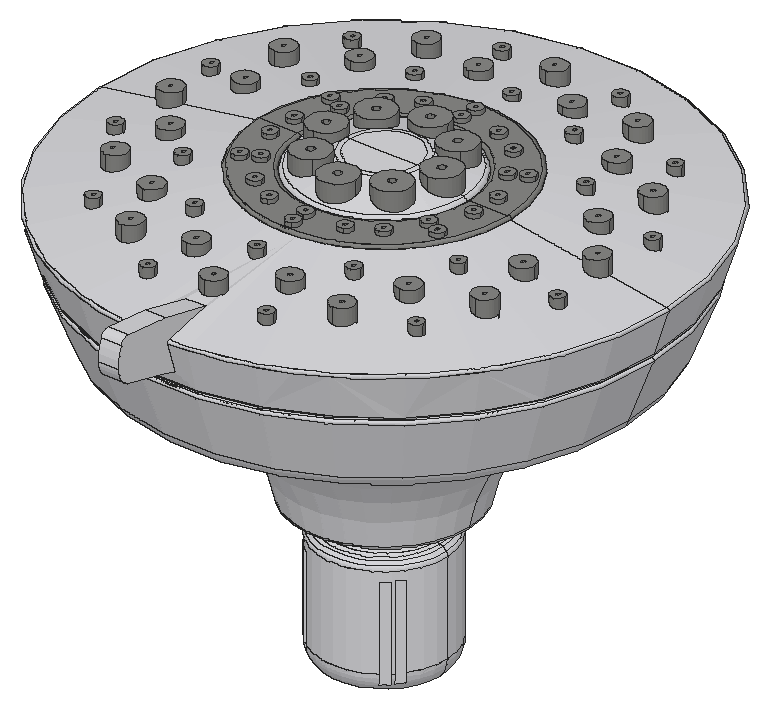
Revit family "Shower-Showerhead-KOHLER-Radiate-K-R75563", category Plumbing Fixtures, host Face, Revit 2015
Parameters (values of type "CP-Polished Chrome")
  Width = 4 11/16"  # constant formula
  WaterSense Certified = 1 = 1  # yes
  Waste Water Outlet = "Waste Water Outlet"  # constant formula
  Waste Connection = 1 = 0  # no
  Vent Connection = 1 = 0  # no
  URL = "https://www.us.kohler.com/us/"
  Type = 1
  Product Page URL = "http://www.us.kohler.com/us/catalog/productDetails.jsp?productNumber=R75563-G"
  Product Name = "Radiate"  # constant formula
  Product Documentation Link = "https://www.us.kohler.com/webassets/kpna/catalog/pdf/en/K-R75563-G_spec.pdf"
  Pressure = 45.00 psi  # constant formula
  Panel Thickness = 0"
  Model = if(Type = 1, "K-R75563-G-CP", if(Type = 2, "K-R75563-G-BN", "NA"))  # "K-R75563-G-CP"
  Material = "Premium Metal Construction"  # constant formula
  MasterFormat 2004 = "22.41.23"  # constant formula
  MasterFormat 1995 = "15410"  # constant formula
  Manufacturer Address = "444 Highland Dr, Kohler, WI 53044"  # constant formula
  Manufacturer = "KOHLER Co."  # constant formula
  Length = 3 3/4"  # constant formula
  Tempered Water Inlet = "Tempered Water Inlet"  # constant formula
  Height = 4 11/16"  # constant formula
  HW Connection = 1 = 1  # yes
  Flow Rate = 1.75 GPM  # constant formula
  Finish = Kohler-Metal-CP-Polished_Chrome
  Environmental Product Declaration = ""
  Drain Included = 1 = 0  # no
  Description = "1.75 gpm multifunction showerhead"  # constant formula
  Default Elevation = 0"
  Declare Label = ""
  Date Modified = "03/08/2019"  # constant formula
  Date Created = "03/08/2019"  # constant formula
  Copyright = "Copyright KOHLER Co."  # constant formula
  Contact Us = "https://www.us.kohler.com/us/static/contact.jsp"
  Cold Water Inlet = "Cold Water Inlet"  # constant formula
  CW Connection = 1 = 0  # no
  Assembly Code = "D2010700"
  ADA Compliant = 1 = 0  # no
Reference planes (in)
  plane 1 "Center (Front/Back)": y = 0
  plane 2: z = 0
  plane 3 "Center (Left/Right)": x = 0
  plane 4: x = -2.34375
  plane 5: x = 2.34375
  plane 6: y = -2.34375
  plane 7: y = -2.84375
  plane 8: z = 3.75
  plane 9: y = 2.34375
  plane 10: z = 2.97172
Dimensions and locks (in)
  "Width": plane 4 to plane 5
  "Length": plane 8 to level
  "Height": plane 9 to plane 6
  plane 7 to plane 9 = 5 3/16"
  aligned and locked: plane 2 to host face
  aligned and locked: level to host face
Automatic sketch dimensions
  host sketch curve to host sketch curve = 96"  (x2)
Nested families (in)
  nested 1: "K-R75563" at (0, 0, 0), type "K-R75563"
Connectors (in)
  piping at (0, 0, 0), diameter 0.5, driven by "Flow Rate", driven by "Pressure", driven by "HW Connection", driven by "Tempered Water Inlet"
    settings: on nested 1, index 1, connector inside diameter 24", connector length 0", flow factor 0, pipe flow 1.75 GPM, pressure drop 45.00 psi, fitting loss kfactor 0, connector angle 0.00°, fixture units 0, engagement length 0", angle of deflection 0.00°, flow configuration 1, flow direction 1, fitting loss method 4, system type 19, joint type 0, gender type 0, connector reference index -1, connector utility 1, adjustable connector no, is connector primary yes, connector description "Tempered Water Inlet"
Definition of nested family "K-R75563"
  Parameters (values of type "K-R75563")
    Material = none
  Reference planes (in)
    plane 1 "Center (Front/Back)": y = 0
    plane 2: z = 0
    plane 3 "Center (Left/Right)": x = 0
    plane 4: x = -2.34375
    plane 5: x = 2.34375
    plane 6: y = -2.34375
    plane 7: y = 2.34375
    plane 8: z = 3.75
    plane 9: y = -2.84375
  Forms (in)
    Revolve 1, solid, material <- "Material", detail levels medium+fine
      sketch origin (0, 0, 0) x (1, 0, 0) y (0, 0, 1)
        loop
          line (0, 0) -> (0.46439, 0)
          arc (0.46439, 0) -> (0.50671, 0.06514) -> (0.52154, 0.14139) r 0.20348
          line (0.52154, 0.14139) -> (0.52154, 0.89436)
          arc (0.52154, 0.89436) -> (0.51802, 0.91206) -> (0.508, 0.92706) r 0.04624
          line (0.508, 0.92706) -> (0.48216, 0.9529)
          arc (0.48216, 0.9529) -> (0.46908, 0.96164) -> (0.45365, 0.96471) r 0.04032
          arc (0.45365, 0.96471) -> (0.44026, 0.96815) -> (0.4281, 0.97779) r 0.035
          line (0.4281, 0.97779) -> (0.38188, 1.03534)
          arc (0.38188, 1.03534) -> (0.36472, 1.07991) -> (0.37657, 1.12616) r 0.07848
          arc (0.37657, 1.12616) -> (0.3896, 1.14403) -> (0.405, 1.1599) r 0.15759
          line (0.405, 1.1599) -> (0.68306, 1.1599)
          arc (0.68306, 1.1599) -> (0.69799, 1.16538) -> (0.70582, 1.17923) r 0.02307
          arc (0.70582, 1.17923) -> (0.91298, 1.67555) -> (1.32069, 2.0263) r 1.16716
          arc (1.32069, 2.0263) -> (1.61757, 2.17628) -> (1.91743, 2.32019) r 16.37121
          arc (1.91743, 2.32019) -> (1.97712, 2.36323) -> (2.01691, 2.42513) r 0.19751
          line (2.01691, 2.42513) -> (2.21935, 2.92617)
          arc (2.21935, 2.92617) -> (2.21759, 2.94283) -> (2.20281, 2.95069) r 0.01784
          line (2.20281, 2.95069) -> (2.16619, 2.95069)
          arc (2.16619, 2.95069) -> (2.15132, 2.95685) -> (2.14516, 2.97172) r 0.02103
          line (2.14516, 2.97172) -> (2.20446, 2.97172)
          arc (2.20446, 2.97172) -> (2.21978, 2.9767) -> (2.22925, 2.98974) r 0.02607
          line (2.22925, 2.98974) -> (2.34279, 3.33918)
          arc (2.34279, 3.33918) -> (2.34122, 3.35483) -> (2.32863, 3.36425) r 0.01954
          arc (2.32863, 3.36425) -> (1.69087, 3.48876) -> (1.04596, 3.5683) r 9.27097
          line (1.04596, 3.5683) -> (1.04596, 3.33866) -> (0.68121, 3.33866) -> (0.68121, 3.56022)
          arc (0.68121, 3.56022) -> (0.67336, 3.58368) -> (0.65297, 3.59769) r 0.03898
          line (0.65297, 3.59769) -> (0.31692, 3.69405)
          arc (0.31692, 3.69405) -> (0.29815, 3.69804) -> (0.27901, 3.69937) r 0.13756
          line (0.27901, 3.69937) -> (0, 3.69937) -> (0, 0)
        axis (0, 0) -> (0, 3.69937)
      angle from 0 to 360
    Revolve 2, solid, detail levels medium+fine
      sketch origin (0, 0, 0) x (1, 0, 0) y (0, 0, 1)
        loop
          line (0.68902, 3.56603) -> (0.68902, 3.33866) -> (1.04423, 3.33866) -> (1.04423, 3.56671)
          arc (1.04423, 3.56671) -> (1.03756, 3.5828) -> (1.02147, 3.58947) r 0.02276
          line (1.02147, 3.58947) -> (0.71246, 3.58947)
          arc (0.71246, 3.58947) -> (0.69588, 3.5826) -> (0.68902, 3.56603) r 0.02344
        axis (0, 3.58947) -> (0, 3.33866)
      angle from 0 to 360
    Extrusion 3, solid, material <- "Material", detail levels medium+fine
      sketch origin (0, 0.03809, 0) x (0, 1, 0) y (0, 0, 1)
        loop
          arc (-2.8811, 3.37275) -> (-2.84568, 3.27462) -> (-2.75901, 3.21656) r 0.16732
          arc (-2.75901, 3.21656) -> (-2.58742, 3.17223) -> (-2.41418, 3.13493) r 4.34486
          arc (-2.41418, 3.13493) -> (-2.2423, 3.07585) -> (-2.09333, 2.97172) r 0.65371
          line (-2.09333, 2.97172) -> (-1.91115, 3.42263)
          arc (-1.91115, 3.42263) -> (-2.15167, 3.49092) -> (-2.39611, 3.54347) r 3.85346
          arc (-2.39611, 3.54347) -> (-2.58447, 3.5704) -> (-2.77431, 3.58322) r 2.55177
          arc (-2.77431, 3.58322) -> (-2.81937, 3.57087) -> (-2.84975, 3.53537) r 0.07966
          arc (-2.84975, 3.53537) -> (-2.8744, 3.45579) -> (-2.8811, 3.37275) r 0.3797
      from -0.07864 to 0.08509
    Extrusion 4, solid, detail levels medium+fine
      sketch origin (0, 0, 0) x (1, 0, 0) y (0, 1, 0)
        loop
          circle (0, 1.75694) r 0.09495
        loop
          circle (0.38604, 1.45225) r 0.09495
        loop
          circle (0.87041, 1.52256) r 0.09495
        loop
          circle (1.05791, 1.06978) r 0.09495
        loop
          circle (1.51998, 0.86665) r 0.09495
        loop
          circle (1.45225, 0.38604) r 0.09495
        loop
          circle (0, -1.75694) r 0.09495
        loop
          circle (0.38604, -1.45225) r 0.09495
        loop
          circle (0.87041, -1.52256) r 0.09495
        loop
          circle (1.05791, -1.06978) r 0.09495
        loop
          circle (1.51998, -0.86665) r 0.09495
        loop
          circle (1.45225, -0.38604) r 0.09495
        loop
          circle (-0.38604, 1.45225) r 0.09495
        loop
          circle (-0.87041, 1.52256) r 0.09495
        loop
          circle (-1.05791, 1.06978) r 0.09495
        loop
          circle (-1.51998, 0.86665) r 0.09495
        loop
          circle (-1.45225, 0.38604) r 0.09495
        loop
          circle (-0.38604, -1.45225) r 0.09495
        loop
          circle (-0.87041, -1.52256) r 0.09495
        loop
          circle (-1.05791, -1.06978) r 0.09495
        loop
          circle (-1.51998, -0.86665) r 0.09495
        loop
          circle (-1.45225, -0.38604) r 0.09495
        loop
          circle (1.75694, 0) r 0.09495
        loop
          circle (-1.75694, 0) r 0.09495
        loop
          circle (-0.38424, -1.45306) r 0.01406
        loop
          circle (-0.86862, -1.52337) r 0.01406
        loop
          circle (-1.05612, -1.07059) r 0.01406
        loop
          circle (-1.54148, -0.86456) r 0.01406
        loop
          circle (-1.45045, -0.38684) r 0.01406
        loop
          circle (-1.75514, -0.00081) r 0.01406
        loop
          circle (-1.45045, 0.38523) r 0.01406
        loop
          circle (-1.51819, 0.86584) r 0.01406
        loop
          circle (-1.05612, 1.06897) r 0.01406
        loop
          circle (-0.86862, 1.52175) r 0.01406
        loop
          circle (-0.38424, 1.45144) r 0.01406
        loop
          circle (0.00179, 1.75613) r 0.01406
        loop
          circle (0.38783, 1.45144) r 0.01406
        loop
          circle (0.8722, 1.52175) r 0.01406
        loop
          circle (1.0597, 1.06897) r 0.01406
        loop
          circle (1.52178, 0.86584) r 0.01406
        loop
          circle (1.45404, 0.38523) r 0.01406
        loop
          circle (1.75873, -0.00081) r 0.01406
        loop
          circle (1.45404, -0.38684) r 0.01406
        loop
          circle (1.0597, -1.07059) r 0.01406
        loop
          circle (1.52178, -0.86746) r 0.01406
        loop
          circle (0.38783, -1.45306) r 0.01406
        loop
          circle (0.8722, -1.52337) r 0.01406
        loop
          circle (0.00179, -1.75774) r 0.01406
      from 3.33866 to 3.5683
    Extrusion 5, solid, detail levels medium+fine
      sketch origin (0, 0, 0) x (1, 0, 0) y (0, 1, 0)
        loop
          circle (-0.65597, -1.13222) r 0.05717
        loop
          circle (0.00056, -1.30917) r 0.05717
        loop
          circle (-1.13349, -0.65486) r 0.05717
        loop
          circle (0.00163, -1.31047) r 0.01406
        loop
          circle (-0.65252, -1.13111) r 0.01406
        loop
          circle (-1.1308, -0.65068) r 0.01406
      from 3.33866 to 3.58947
    Extrusion 6, solid, detail levels medium+fine
      sketch origin (0, 0, 0) x (1, 0, 0) y (0, 1, 0)
        loop
          circle (-0.65597, 1.13222) r 0.05717
        loop
          circle (0.00056, 1.30917) r 0.05717
        loop
          circle (-1.13349, 0.65486) r 0.05717
        loop
          circle (0.00163, 1.31047) r 0.01406
        loop
          circle (-0.65252, 1.13111) r 0.01406
        loop
          circle (-1.1308, 0.65068) r 0.01406
      from 3.22328 to 3.5683
    Extrusion 7, solid, detail levels medium+fine
      sketch origin (0, 0, 0) x (-1, 0, 0) y (0, -1, 0)
        loop
          circle (-0.65597, 1.13222) r 0.05717
        loop
          circle (-1.13349, 0.65486) r 0.05717
        loop
          circle (-0.6574, 1.13823) r 0.01406
        loop
          circle (-1.13773, 0.65658) r 0.01406
      from 3.33866 to 3.58947
    Extrusion 8, solid, detail levels medium+fine
      sketch origin (0, 0, 0) x (-1, 0, 0) y (0, -1, 0)
        loop
          circle (-0.65597, -1.13222) r 0.05717
        loop
          circle (-1.13349, -0.65486) r 0.05717
        loop
          circle (-0.6574, -1.13823) r 0.01406
        loop
          circle (-1.13773, -0.65658) r 0.01406
      from 3.33866 to 3.58947
    Extrusion 9, solid, detail levels medium+fine
      sketch origin (0, 0, 0) x (1, 0, 0) y (0, 1, 0)
        loop
          circle (-0.53135, 0.66711) r 0.05717
        loop
          circle (-0.69198, 0.4058) r 0.05717
        loop
          circle (-0.81449, 0.46751) r 0.05717
        loop
          circle (-0.83846, 0.12473) r 0.05717
        loop
          circle (0.53135, 0.66711) r 0.05717
        loop
          circle (0.69198, 0.4058) r 0.05717
        loop
          circle (0.81449, 0.46751) r 0.05717
        loop
          circle (0.83846, 0.12473) r 0.05717
        loop
          circle (-0.53135, -0.66711) r 0.05717
        loop
          circle (-0.69198, -0.4058) r 0.05717
        loop
          circle (-0.81449, -0.46751) r 0.05717
        loop
          circle (-0.83846, -0.12473) r 0.05717
        loop
          circle (0.53135, -0.66711) r 0.05717
        loop
          circle (0.69198, -0.4058) r 0.05717
        loop
          circle (0.81449, -0.46751) r 0.05717
        loop
          circle (0.83846, -0.12473) r 0.05717
        loop
          circle (-0.31217, 0.79367) r 0.05717
        loop
          circle (-0.00556, 0.80217) r 0.05717
        loop
          circle (0.00223, 0.93912) r 0.05717
        loop
          circle (0.3111, 0.78853) r 0.05717
        loop
          circle (-0.31217, -0.79367) r 0.05717
        loop
          circle (-0.00556, -0.80217) r 0.05717
        loop
          circle (0.00223, -0.93912) r 0.05717
        loop
          circle (0.3111, -0.78853) r 0.05717
        loop
          circle (-0.00563, -0.80323) r 0.01406
        loop
          circle (0.00154, -0.94019) r 0.01406
        loop
          circle (-0.31052, -0.79467) r 0.01406
        loop
          circle (-0.53246, -0.66818) r 0.01406
        loop
          circle (-0.8156, -0.46858) r 0.01406
        loop
          circle (-0.69309, -0.40687) r 0.01406
        loop
          circle (-0.83957, -0.1258) r 0.01406
        loop
          circle (-0.83957, 0.12366) r 0.01406
        loop
          circle (-0.81902, 0.46654) r 0.01406
        loop
          circle (-0.69309, 0.40473) r 0.01406
        loop
          circle (-0.53246, 0.66604) r 0.01406
        loop
          circle (-0.31325, 0.7926) r 0.01406
        loop
          circle (-0.00509, 0.80112) r 0.01406
        loop
          circle (0.00449, 0.93815) r 0.01406
        loop
          circle (0.31245, 0.78751) r 0.01406
        loop
          circle (0.53023, 0.66604) r 0.01406
        loop
          circle (0.69086, 0.40473) r 0.01406
        loop
          circle (0.81337, 0.46644) r 0.01406
        loop
          circle (0.83734, 0.12366) r 0.01406
        loop
          circle (0.83734, -0.1258) r 0.01406
        loop
          circle (0.69086, -0.40687) r 0.01406
        loop
          circle (0.81337, -0.46858) r 0.01406
        loop
          circle (0.53023, -0.66818) r 0.01406
        loop
          circle (0.31076, -0.7896) r 0.01406
      from 3.32144 to 3.61881
    Extrusion 10, solid, detail levels medium+fine
      sketch origin (0, 0, 0) x (1, 0, 0) y (0, 1, 0)
        loop
          circle (1.33053, -1.33292) r 0.05717
        loop
          circle (0.48828, -1.82144) r 0.05717
        loop
          circle (1.82028, -0.48851) r 0.05717
        loop
          circle (1.33053, 1.33292) r 0.05717
        loop
          circle (0.48828, 1.82144) r 0.05717
        loop
          circle (1.82028, 0.48851) r 0.05717
        loop
          circle (-1.33053, -1.33292) r 0.05717
        loop
          circle (-0.48828, -1.82144) r 0.05717
        loop
          circle (-1.82028, -0.48851) r 0.05717
        loop
          circle (-1.33053, 1.33292) r 0.05717
        loop
          circle (-0.48828, 1.82144) r 0.05717
        loop
          circle (-1.82028, 0.48851) r 0.05717
        loop
          circle (1.33125, -1.33145) r 0.01406
        loop
          circle (0.48664, -1.82313) r 0.01406
        loop
          circle (-0.4874, -1.82582) r 0.01406
        loop
          circle (-1.32598, -1.33136) r 0.01406
        loop
          circle (-1.81479, -0.49277) r 0.01406
        loop
          circle (1.82285, -0.48576) r 0.01406
        loop
          circle (1.33125, 1.33145) r 0.01406
        loop
          circle (0.48664, 1.82313) r 0.01406
        loop
          circle (-0.4874, 1.82582) r 0.01406
        loop
          circle (-1.32598, 1.33136) r 0.01406
        loop
          circle (-1.81479, 0.49277) r 0.01406
        loop
          circle (1.82285, 0.48576) r 0.01406
      from 3.33866 to 3.50102
    Extrusion 11, solid, detail levels medium+fine
      sketch origin (0, 0, 0) x (1, 0, 0) y (0, 1, 0)
        loop
          circle (0.0004, -0.476) r 0.14595
        loop
          circle (0.0004, 0.476) r 0.14595
        loop
          circle (-0.4756, 0.00016) r 0.14595
        loop
          circle (0.47641, -0.00016) r 0.14595
        loop
          circle (-0.3363, -0.33647) r 0.14595
        loop
          circle (0.3371, 0.33647) r 0.14595
        loop
          circle (0.33662, -0.33695) r 0.14595
        loop
          circle (-0.33582, 0.33695) r 0.14595
        loop
          circle (-0.4756, 0.00016) r 0.03091
        loop
          circle (-0.33582, 0.33695) r 0.03097
        loop
          circle (0.0004, 0.476) r 0.03159
        loop
          circle (0.4756, -0.00016) r 0.03091
        loop
          circle (0.33582, -0.33695) r 0.03097
        loop
          circle (-0.0004, -0.476) r 0.03159
        loop
          circle (0.33582, 0.33695) r 0.03097
        loop
          circle (-0.33582, -0.33695) r 0.03097
      from 3.33866 to 3.75
    Extrusion 12, solid, material <- "Material", detail levels medium+fine
      sketch origin (0, 0, 0) x (1, 0, 0) y (0, 1, 0)
        loop
          circle (0, 0) r 0.25
      from 0 to 0.14165
    Extrusion 13, void
      sketch origin (0, 0, 0) x (1, 0, 0) y (0, 1, 0)
        loop
          line (0.3601, 0.34864) -> (0.41286, 0.28716) -> (0.44783, 0.31717) -> (0.39507, 0.37865) -> (0.3601, 0.34864)
        loop
          line (0.2857, 0.41051) -> (0.34821, 0.35738) -> (0.37805, 0.39249) -> (0.31555, 0.44562) -> (0.2857, 0.41051)
        loop
          line (-0.3601, 0.34864) -> (-0.39507, 0.37865) -> (-0.44783, 0.31717) -> (-0.41286, 0.28716) -> (-0.3601, 0.34864)
        loop
          line (-0.2857, 0.41051) -> (-0.31555, 0.44562) -> (-0.37805, 0.39249) -> (-0.34821, 0.35738) -> (-0.2857, 0.41051)
        loop
          line (0.3601, -0.34864) -> (0.39507, -0.37865) -> (0.44783, -0.31717) -> (0.41286, -0.28716) -> (0.3601, -0.34864)
        loop
          line (0.2857, -0.41051) -> (0.31555, -0.44562) -> (0.37805, -0.39249) -> (0.34821, -0.35738) -> (0.2857, -0.41051)
        loop
          line (-0.3601, -0.34864) -> (-0.41286, -0.28716) -> (-0.44783, -0.31717) -> (-0.39507, -0.37865) -> (-0.3601, -0.34864)
        loop
          line (-0.2857, -0.41051) -> (-0.34821, -0.35738) -> (-0.37805, -0.39249) -> (-0.31555, -0.44562) -> (-0.2857, -0.41051)
      from -0.26189 to 0.82193
    Revolve 14, solid, material <- "Material", detail levels coarse
      sketch origin (0, 0, 0) x (1, 0, 0) y (0, 0, 1)
        loop
          line (0, 0.00389) -> (0.52154, 0.00389) -> (0.52154, 1.16692) -> (0.75525, 1.16692) -> (1.34225, 2.03719) -> (1.99554, 2.35862) -> (2.34375, 3.3676)
          arc (2.34375, 3.3676) -> (1.18822, 3.65899) -> (0, 3.75) r 6.99451
          line (0, 3.75) -> (0, 0.00389)
        axis (0, 0.00389) -> (0, 3.75)
      angle from 0 to 360
    Extrusion 15, solid, material <- "Material", detail levels coarse
      sketch origin (0, 0, 0) x (0, 1, 0) y (0, 0, 1)
        loop
          line (-1.82753, 3.45695) -> (-2.84394, 3.61793) -> (-2.84394, 3.24498) -> (-1.91457, 3.04744) -> (-1.82753, 3.45695)
      from -0.07864 to 0.08509
  Cuts and joins
    Extrusion 13 cuts Revolve 1
    joined: Revolve 1, Extrusion 3
    joined: Revolve 2, Extrusion 5, Extrusion 9, Extrusion 10, Extrusion 11
    joined: Revolve 14, Extrusion 15
  Lines and regions (in)
    Masking region 1
      outline origin (0, 0, 0) x (1, 0, 0) y (0, 0, 1)
        loop
          line (0, 0) -> (0.46439, 0)
          arc (0.46439, 0) -> (0.50671, 0.06514) -> (0.52154, 0.14139) r 0.20348
          line (0.52154, 0.14139) -> (0.52154, 0.89436)
          arc (0.52154, 0.89436) -> (0.51802, 0.91206) -> (0.508, 0.92706) r 0.04624
          line (0.508, 0.92706) -> (0.47035, 0.96471) -> (0.43861, 0.96471) -> (0.38188, 1.03534)
          arc (0.38188, 1.03534) -> (0.36472, 1.07991) -> (0.37657, 1.12616) r 0.07848
          arc (0.37657, 1.12616) -> (0.3896, 1.14403) -> (0.405, 1.1599) r 0.15759
          line (0.405, 1.1599) -> (0.68306, 1.1599)
          arc (0.68306, 1.1599) -> (0.69799, 1.16538) -> (0.70582, 1.17923) r 0.02307
          arc (0.70582, 1.17923) -> (0.91298, 1.67555) -> (1.32069, 2.0263) r 1.16716
          arc (1.32069, 2.0263) -> (1.61757, 2.17628) -> (1.91743, 2.32019) r 16.37121
          arc (1.91743, 2.32019) -> (1.97712, 2.36323) -> (2.01691, 2.42513) r 0.19751
          line (2.01691, 2.42513) -> (2.21935, 2.92617)
          arc (2.21935, 2.92617) -> (2.21759, 2.94283) -> (2.20281, 2.95069) r 0.01784
          line (2.20281, 2.95069) -> (2.16619, 2.95069)
          arc (2.16619, 2.95069) -> (2.15132, 2.95685) -> (2.14516, 2.97172) r 0.02103
          line (2.14516, 2.97172) -> (2.20446, 2.97172)
          arc (2.20446, 2.97172) -> (2.21978, 2.9767) -> (2.22925, 2.98974) r 0.02607
          line (2.22925, 2.98974) -> (2.34279, 3.33918)
          arc (2.34279, 3.33918) -> (2.34122, 3.35483) -> (2.32863, 3.36425) r 0.01954
          arc (2.32863, 3.36425) -> (2.10359, 3.41349) -> (1.87741, 3.45713) r 9.27097
          line (1.87741, 3.45713) -> (1.87741, 3.50093) -> (1.84623, 3.50093) -> (1.84623, 3.56476)
          arc (1.84623, 3.56476) -> (1.75417, 3.65682) -> (1.66211, 3.56476) r 0.09206
          line (1.66211, 3.56476) -> (1.66211, 3.49298) -> (1.61494, 3.50045) -> (1.61494, 3.56326)
          arc (1.61494, 3.56326) -> (1.57092, 3.63705) -> (1.48533, 3.64459) r 0.09438
          arc (1.48533, 3.64459) -> (1.40291, 3.63921) -> (1.35758, 3.57016) r 0.0926
          line (1.35758, 3.57016) -> (1.35758, 3.53561) -> (1.19268, 3.55426) -> (1.19268, 3.58947) -> (1.14758, 3.58947)
          arc (1.14758, 3.58947) -> (1.05581, 3.65059) -> (0.96414, 3.58931) r 0.09934
          arc (0.96414, 3.58931) -> (0.91403, 3.64094) -> (0.84227, 3.64614) r 0.10104
          arc (0.84227, 3.64614) -> (0.77973, 3.64736) -> (0.72405, 3.61884) r 0.12823
          arc (0.72405, 3.61884) -> (0.67698, 3.64749) -> (0.62191, 3.6455) r 0.09587
          line (0.62191, 3.6455) -> (0.62191, 3.75) -> (0.19067, 3.75) -> (0.19067, 3.64158)
          arc (0.19067, 3.64158) -> (0.16859, 3.64819) -> (0.14554, 3.64873) r 0.08647
          line (0.14554, 3.64873) -> (0.14554, 3.75) -> (-0.00036, 3.75) -> (-0.14554, 3.75) -> (-0.14554, 3.64873)
          arc (-0.14554, 3.64873) -> (-0.16867, 3.64868) -> (-0.19067, 3.64158) r 0.07491
          line (-0.19067, 3.64158) -> (-0.19067, 3.75) -> (-0.62191, 3.75) -> (-0.62191, 3.6455)
          arc (-0.62191, 3.6455) -> (-0.67698, 3.64749) -> (-0.72405, 3.61884) r 0.09587
          arc (-0.72405, 3.61884) -> (-0.77973, 3.64736) -> (-0.84227, 3.64614) r 0.12823
          arc (-0.84227, 3.64614) -> (-0.91403, 3.64094) -> (-0.96414, 3.58931) r 0.10104
          arc (-0.96414, 3.58931) -> (-1.05581, 3.65059) -> (-1.14758, 3.58947) r 0.09934
          line (-1.14758, 3.58947) -> (-1.19268, 3.58947) -> (-1.19268, 3.55426) -> (-1.35758, 3.53561) -> (-1.35758, 3.57016)
          arc (-1.35758, 3.57016) -> (-1.40291, 3.63921) -> (-1.48533, 3.64459) r 0.0926
          arc (-1.48533, 3.64459) -> (-1.57092, 3.63705) -> (-1.61494, 3.56326) r 0.09438
          line (-1.61494, 3.56326) -> (-1.61494, 3.50045) -> (-1.66211, 3.49298) -> (-1.66211, 3.56476)
          arc (-1.66211, 3.56476) -> (-1.75417, 3.65682) -> (-1.84623, 3.56476) r 0.09206
          line (-1.84623, 3.56476) -> (-1.84623, 3.50093) -> (-1.87741, 3.50093) -> (-1.87741, 3.45713)
          arc (-1.87741, 3.45713) -> (-2.10359, 3.41349) -> (-2.32863, 3.36425) r 9.27097
          arc (-2.32863, 3.36425) -> (-2.34122, 3.35483) -> (-2.34279, 3.33918) r 0.01954
          line (-2.34279, 3.33918) -> (-2.22925, 2.98974)
          arc (-2.22925, 2.98974) -> (-2.21978, 2.9767) -> (-2.20446, 2.97172) r 0.02607
          line (-2.20446, 2.97172) -> (-2.14516, 2.97172)
          arc (-2.14516, 2.97172) -> (-2.15132, 2.95685) -> (-2.16619, 2.95069) r 0.02103
          line (-2.16619, 2.95069) -> (-2.20281, 2.95069)
          arc (-2.20281, 2.95069) -> (-2.21759, 2.94283) -> (-2.21935, 2.92617) r 0.01784
          line (-2.21935, 2.92617) -> (-2.01691, 2.42513)
          arc (-2.01691, 2.42513) -> (-1.97712, 2.36323) -> (-1.91743, 2.32019) r 0.19751
          arc (-1.91743, 2.32019) -> (-1.61757, 2.17628) -> (-1.32069, 2.0263) r 16.37121
          arc (-1.32069, 2.0263) -> (-0.91298, 1.67555) -> (-0.70582, 1.17923) r 1.16716
          arc (-0.70582, 1.17923) -> (-0.69799, 1.16538) -> (-0.68306, 1.1599) r 0.02307
          line (-0.68306, 1.1599) -> (-0.405, 1.1599)
          arc (-0.405, 1.1599) -> (-0.3896, 1.14403) -> (-0.37657, 1.12616) r 0.15759
          arc (-0.37657, 1.12616) -> (-0.36472, 1.07991) -> (-0.38188, 1.03534) r 0.07848
          line (-0.38188, 1.03534) -> (-0.43861, 0.96471) -> (-0.47035, 0.96471) -> (-0.508, 0.92706)
          arc (-0.508, 0.92706) -> (-0.51802, 0.91206) -> (-0.52154, 0.89436) r 0.04624
          line (-0.52154, 0.89436) -> (-0.52154, 0.14139)
          arc (-0.52154, 0.14139) -> (-0.50671, 0.06514) -> (-0.46439, 0) r 0.20348
          line (-0.46439, 0) -> (0, 0)
    Masking region 2
      outline origin (0, 0, 0) x (0, 1, 0) y (0, 0, 1)
        loop
          line (0, 0) -> (0.46439, 0)
          arc (0.46439, 0) -> (0.50671, 0.06514) -> (0.52154, 0.14139) r 0.20348
          line (0.52154, 0.14139) -> (0.52154, 0.89436)
          arc (0.52154, 0.89436) -> (0.51802, 0.91206) -> (0.50799, 0.92706) r 0.04624
          line (0.50799, 0.92706) -> (0.47034, 0.96471) -> (0.43861, 0.96471) -> (0.38188, 1.03534)
          arc (0.38188, 1.03534) -> (0.36472, 1.07991) -> (0.37657, 1.12616) r 0.07848
          arc (0.37657, 1.12616) -> (0.3896, 1.14403) -> (0.405, 1.1599) r 0.15759
          line (0.405, 1.1599) -> (0.68306, 1.1599)
          arc (0.68306, 1.1599) -> (0.69799, 1.16538) -> (0.70582, 1.17923) r 0.02307
          arc (0.70582, 1.17923) -> (0.91298, 1.67555) -> (1.32069, 2.0263) r 1.16716
          arc (1.32069, 2.0263) -> (1.61757, 2.17628) -> (1.91743, 2.32019) r 16.37121
          arc (1.91743, 2.32019) -> (1.97712, 2.36323) -> (2.01691, 2.42513) r 0.19751
          line (2.01691, 2.42513) -> (2.21934, 2.92617)
          arc (2.21934, 2.92617) -> (2.21759, 2.94283) -> (2.2028, 2.95069) r 0.01784
          line (2.2028, 2.95069) -> (2.16619, 2.95069)
          arc (2.16619, 2.95069) -> (2.15132, 2.95685) -> (2.14516, 2.97172) r 0.02103
          line (2.14516, 2.97172) -> (2.20445, 2.97172)
          arc (2.20445, 2.97172) -> (2.21978, 2.9767) -> (2.22925, 2.98974) r 0.02607
          line (2.22925, 2.98974) -> (2.34279, 3.33918)
          arc (2.34279, 3.33918) -> (2.34122, 3.35483) -> (2.32862, 3.36425) r 0.01954
          arc (2.32862, 3.36425) -> (2.10359, 3.41349) -> (1.8774, 3.45713) r 9.27097
          line (1.8774, 3.45713) -> (1.8774, 3.50093) -> (1.84623, 3.50093) -> (1.84623, 3.56476)
          arc (1.84623, 3.56476) -> (1.75417, 3.65682) -> (1.66211, 3.56476) r 0.09206
          line (1.66211, 3.56476) -> (1.66211, 3.49298) -> (1.61494, 3.50045) -> (1.61494, 3.56326)
          arc (1.61494, 3.56326) -> (1.57092, 3.63705) -> (1.48533, 3.64459) r 0.09438
          arc (1.48533, 3.64459) -> (1.41173, 3.64373) -> (1.36201, 3.58947) r 0.0926
          line (1.36201, 3.58947) -> (1.25182, 3.58947) -> (1.25182, 3.54757) -> (1.19268, 3.55426) -> (1.19268, 3.58947) -> (1.14758, 3.58947)
          arc (1.14758, 3.58947) -> (1.0558, 3.65059) -> (0.96413, 3.58931) r 0.09934
          arc (0.96413, 3.58931) -> (0.91403, 3.64094) -> (0.84227, 3.64614) r 0.10104
          arc (0.84227, 3.64614) -> (0.77972, 3.64736) -> (0.72405, 3.61884) r 0.12823
          arc (0.72405, 3.61884) -> (0.67697, 3.64749) -> (0.62191, 3.6455) r 0.09587
          line (0.62191, 3.6455) -> (0.62191, 3.75) -> (0.19067, 3.75) -> (0.19067, 3.64158)
          arc (0.19067, 3.64158) -> (0.16859, 3.64819) -> (0.14554, 3.64873) r 0.08647
          line (0.14554, 3.64873) -> (0.14554, 3.75) -> (-0.00037, 3.75) -> (-0.14554, 3.75) -> (-0.14554, 3.64873)
          arc (-0.14554, 3.64873) -> (-0.16867, 3.64868) -> (-0.19068, 3.64158) r 0.07491
          line (-0.19068, 3.64158) -> (-0.19068, 3.75) -> (-0.62191, 3.75) -> (-0.62191, 3.6455)
          arc (-0.62191, 3.6455) -> (-0.67698, 3.64749) -> (-0.72405, 3.61884) r 0.09587
          arc (-0.72405, 3.61884) -> (-0.77973, 3.64736) -> (-0.84227, 3.64614) r 0.12823
          arc (-0.84227, 3.64614) -> (-0.91403, 3.64094) -> (-0.96414, 3.58931) r 0.10104
          arc (-0.96414, 3.58931) -> (-1.05581, 3.65059) -> (-1.14758, 3.58947) r 0.09934
          line (-1.14758, 3.58947) -> (-1.19268, 3.58947) -> (-1.19268, 3.55426) -> (-1.25182, 3.54757) -> (-1.25182, 3.58947) -> (-1.36201, 3.58947)
          arc (-1.36201, 3.58947) -> (-1.41174, 3.64373) -> (-1.48533, 3.64459) r 0.0926
          arc (-1.48533, 3.64459) -> (-1.57092, 3.63705) -> (-1.61494, 3.56326) r 0.09438
          line (-1.61494, 3.56326) -> (-1.61494, 3.50045) -> (-1.66212, 3.49298) -> (-1.66212, 3.56476)
          arc (-1.66212, 3.56476) -> (-1.75418, 3.65682) -> (-1.84624, 3.56476) r 0.09206
          line (-1.84624, 3.56476) -> (-1.84624, 3.50093) -> (-1.87741, 3.50093) -> (-1.87741, 3.45713)
          arc (-1.87741, 3.45713) -> (-1.91138, 3.45095) -> (-1.94533, 3.44464) r 9.27097
          arc (-1.94533, 3.44464) -> (-2.1508, 3.49977) -> (-2.359, 3.54347) r 3.85346
          arc (-2.359, 3.54347) -> (-2.54736, 3.5704) -> (-2.7372, 3.58322) r 2.55177
          arc (-2.7372, 3.58322) -> (-2.78226, 3.57087) -> (-2.81264, 3.53537) r 0.07966
          arc (-2.81264, 3.53537) -> (-2.84046, 3.43676) -> (-2.8409, 3.3343) r 0.3797
          arc (-2.8409, 3.3343) -> (-2.78353, 3.25576) -> (-2.69777, 3.20988) r 0.2186
          arc (-2.69777, 3.20988) -> (-2.58241, 3.17936) -> (-2.46683, 3.1497) r 16.11221
          arc (-2.46683, 3.1497) -> (-2.35927, 3.11633) -> (-2.25588, 3.07169) r 1.05604
          line (-2.25588, 3.07169) -> (-2.22925, 2.98974)
          arc (-2.22925, 2.98974) -> (-2.21978, 2.9767) -> (-2.20446, 2.97172) r 0.02607
          line (-2.20446, 2.97172) -> (-2.14516, 2.97172)
          arc (-2.14516, 2.97172) -> (-2.15132, 2.95685) -> (-2.16619, 2.95069) r 0.02103
          line (-2.16619, 2.95069) -> (-2.20281, 2.95069)
          arc (-2.20281, 2.95069) -> (-2.2176, 2.94283) -> (-2.21935, 2.92617) r 0.01784
          line (-2.21935, 2.92617) -> (-2.01691, 2.42513)
          arc (-2.01691, 2.42513) -> (-1.97712, 2.36323) -> (-1.91743, 2.32019) r 0.19751
          arc (-1.91743, 2.32019) -> (-1.61757, 2.17628) -> (-1.32069, 2.0263) r 16.37121
          arc (-1.32069, 2.0263) -> (-0.91298, 1.67555) -> (-0.70583, 1.17923) r 1.16716
          arc (-0.70583, 1.17923) -> (-0.69799, 1.16538) -> (-0.68306, 1.1599) r 0.02307
          line (-0.68306, 1.1599) -> (-0.405, 1.1599)
          arc (-0.405, 1.1599) -> (-0.3896, 1.14403) -> (-0.37657, 1.12616) r 0.15759
          arc (-0.37657, 1.12616) -> (-0.36473, 1.07991) -> (-0.38188, 1.03534) r 0.07848
          line (-0.38188, 1.03534) -> (-0.43861, 0.96471) -> (-0.47035, 0.96471) -> (-0.508, 0.92706)
          arc (-0.508, 0.92706) -> (-0.51802, 0.91206) -> (-0.52154, 0.89436) r 0.04624
          line (-0.52154, 0.89436) -> (-0.52154, 0.14139)
          arc (-0.52154, 0.14139) -> (-0.50671, 0.06514) -> (-0.46439, 0) r 0.20348
          line (-0.46439, 0) -> (0, 0)
    Masking region 3
      outline origin (0, 0, 0) x (1, 0, 0) y (0, 1, 0)
        loop
          arc (0.08509, -2.3422) -> (-0.00272, 2.34375) -> (-0.07965, -2.3424) r 2.34375
          line (-0.07965, -2.3424) -> (-0.07965, -2.80469)
          arc (-0.07965, -2.80469) -> (-0.06821, -2.83231) -> (-0.04059, -2.84375) r 0.03906
          line (-0.04059, -2.84375) -> (0.04618, -2.84375)
          arc (0.04618, -2.84375) -> (0.07369, -2.83235) -> (0.08509, -2.80484) r 0.03891
          line (0.08509, -2.80484) -> (0.08509, -2.3422)
    symbolic lines, detail levels medium+fine
      curve 1: line (0, 2.14516, 2.97172) -> (0, -2.14516, 2.97172)
      curve 2: line (0, 0.405, 1.1599) -> (0, -0.405, 1.1599)
      curve 3: line (0, 0.43861, 0.96471) -> (0, -0.43861, 0.96471)
      curve 4: line (0, 2.16619, 2.95069) -> (0, -2.16619, 2.95069)
      curve 5: line (0, 0.52154, 0.89436) -> (0, -0.52154, 0.89436)
      curve 6: line (0, 1.8774, 3.45713) -> (0, 1.8774, 3.42508)
      curve 7: line (0, 1.61494, 3.50045) -> (0, 1.61494, 3.46817)
      curve 8: line (0, 1.36201, 3.58947) -> (0, 1.36201, 3.53327)
      curve 9: arc (0, 1.48533, 3.64459) -> (0, 1.45771, 3.6222) -> (0, 1.44379, 3.58947) r 0.07367
      curve 10: line (0, 1.44379, 3.58947) -> (0, 1.44379, 3.49298)
      curve 11: line (0, 1.14758, 3.58947) -> (0, 1.14758, 3.55595)
      curve 12: line (0, 0.96413, 3.58931) -> (0, 0.96413, 3.5206)
      curve 13: line (0, 0.72405, 3.61884) -> (0, 0.72405, 3.58208)
      curve 14: arc (0, 1.61494, 3.46817) -> (0, 1.52998, 3.48481) -> (0, 1.44379, 3.49298) r 0.87648
      curve 15: line (0, 0.50759, 3.75) -> (0, 0.50759, 3.63773)
      curve 16: line (0, 0.19067, 3.64158) -> (0, 0.19067, 3.59312)
      curve 17: line (0, 0.14554, 3.64873) -> (0, 0.14554, 3.59312)
      curve 18: line (0, -0.50759, 3.75) -> (0, -0.50759, 3.63773)
      curve 19: line (0, 1.76507, 3.47576) -> (0, 1.66211, 3.49207)
      curve 20: line (0, 1.25182, 3.54757) -> (0, 1.44379, 3.52266)
      curve 21: line (0, 1.19268, 3.55426) -> (0, 1.19268, 3.5206)
      curve 22: line (0, 1.14758, 3.55595) -> (0, 1.14758, 3.5206)
      curve 23: arc (0, 0.84227, 3.64614) -> (0, 0.80078, 3.6279) -> (0, 0.77704, 3.58931) r 0.07606
      curve 24: line (0, 0.48858, 3.59312) -> (0, 0.36261, 3.59312)
      curve 25: line (0, 0.19809, 3.59312) -> (0, 0.07855, 3.59312)
      curve 26: arc (0, 0.19809, 3.59312) -> (0, 0.25426, 3.64567) -> (0, 0.33021, 3.63352) r 0.08744
      curve 27: arc (0, 0.33021, 3.63352) -> (0, 0.41228, 3.64877) -> (0, 0.47449, 3.59312) r 0.09463
      curve 28: arc (0, 0.47143, 3.59992) -> (0, 0.51383, 3.64094) -> (0, 0.5725, 3.64713) r 0.09052
      curve 29: arc (0, 0.4831, 3.56326) -> (0, 0.56713, 3.6473) -> (0, 0.65117, 3.56326) r 0.08404
      curve 30: arc (0, 0.33021, 3.63352) -> (0, 0.34965, 3.61592) -> (0, 0.36261, 3.59312) r 0.08268
      curve 31: line (0, 0.96413, 3.58931) -> (0, 0.64703, 3.58931)
      curve 32: line (0, 0.65117, 3.56326) -> (0, 0.4831, 3.56326)
      curve 33: line (0, -1.8774, 3.45713) -> (0, -1.8774, 3.42508)
      curve 34: line (0, -1.61494, 3.50045) -> (0, -1.61494, 3.46817)
      curve 35: line (0, -1.36201, 3.58947) -> (0, -1.36201, 3.53327)
      curve 36: arc (0, -1.48533, 3.64459) -> (0, -1.45771, 3.6222) -> (0, -1.44379, 3.58947) r 0.07367
      curve 37: line (0, -1.44379, 3.58947) -> (0, -1.44379, 3.49298)
      curve 38: line (0, -1.14758, 3.58947) -> (0, -1.14758, 3.55595)
      curve 39: line (0, -0.96413, 3.58931) -> (0, -0.96413, 3.5206)
      curve 40: line (0, -0.72405, 3.61884) -> (0, -0.72405, 3.58208)
      curve 41: arc (0, -1.61494, 3.46817) -> (0, -1.52998, 3.48481) -> (0, -1.44379, 3.49298) r 0.87648
      curve 42: line (0, -0.19067, 3.64158) -> (0, -0.19067, 3.59312)
      curve 43: line (0, -0.14554, 3.64873) -> (0, -0.14554, 3.59312)
      curve 44: line (0, -1.76419, 3.4759) -> (0, -1.66211, 3.49207)
      curve 45: line (0, -1.25182, 3.54757) -> (0, -1.44379, 3.52266)
      curve 46: line (0, -1.19268, 3.55426) -> (0, -1.19268, 3.5206)
      curve 47: line (0, -1.14758, 3.55595) -> (0, -1.14758, 3.5206)
      curve 48: arc (0, -0.84227, 3.64614) -> (0, -0.80078, 3.6279) -> (0, -0.77704, 3.58931) r 0.07606
      curve 49: line (0, -0.48858, 3.59312) -> (0, -0.36261, 3.59312)
      curve 50: line (0, -0.19809, 3.59312) -> (0, -0.07855, 3.59312)
      curve 51: arc (0, -0.19809, 3.59312) -> (0, -0.25426, 3.64567) -> (0, -0.33021, 3.63352) r 0.08744
      curve 52: arc (0, -0.33021, 3.63352) -> (0, -0.41228, 3.64877) -> (0, -0.47449, 3.59312) r 0.09463
      curve 53: arc (0, -0.47143, 3.59992) -> (0, -0.51383, 3.64094) -> (0, -0.5725, 3.64713) r 0.09052
      curve 54: arc (0, -0.4831, 3.56326) -> (0, -0.56713, 3.6473) -> (0, -0.65117, 3.56326) r 0.08404
      curve 55: arc (0, -0.33021, 3.63352) -> (0, -0.34965, 3.61592) -> (0, -0.36261, 3.59312) r 0.08268
      curve 56: line (0, -0.96413, 3.58931) -> (0, -0.64703, 3.58931)
      curve 57: line (0, -0.65117, 3.56326) -> (0, -0.4831, 3.56326)
      curve 58: line (0, 1.19268, 3.5206) -> (0, 0.96413, 3.5206)
      curve 59: line (0, -1.19268, 3.5206) -> (0, -0.96413, 3.5206)
      curve 60: line (0, -1.96739, 3.44012) -> (0, -2.33354, 3.36288)
      curve 61: line (0, -2.25396, 3.07073) -> (0, -2.34341, 3.34582)
      curve 62: arc (0, -2.33354, 3.36288) -> (0, -2.34228, 3.35655) -> (0, -2.34341, 3.34582) r 0.01325
      curve 63: arc (1.19268, 0, 3.55426) -> (1.17296, 0, 3.55644) -> (1.15315, 0, 3.55772) r 0.43933
      curve 64: arc (0.78128, 0, 3.58947) -> (0.76068, 0, 3.5899) -> (0.74007, 0, 3.58947) r 0.49898
      curve 65: arc (0.56372, 0, 3.59784) -> (0.51751, 0, 3.5989) -> (0.4713, 0, 3.59784) r 1.01163
      curve 66: arc (0.30199, 0, 3.60295) -> (0.38814, 0, 3.64996) -> (0.4713, 0, 3.59784) r 0.09712
      curve 67: arc (0.56372, 0, 3.59784) -> (0.58697, 0, 3.6288) -> (0.62191, 0, 3.6455) r 0.08134
      curve 68: arc (0.72405, 0, 3.61884) -> (0.73409, 0, 3.60526) -> (0.74007, 0, 3.58947) r 0.06186
      curve 69: arc (0.78128, 0, 3.58947) -> (0.80436, 0, 3.62579) -> (0.84227, 0, 3.64614) r 0.08496
      curve 70: arc (1.14758, 0, 3.58947) -> (1.15137, 0, 3.57377) -> (1.15315, 0, 3.55772) r 0.12826
      curve 71: arc (1.48533, 0, 3.64459) -> (1.44226, 0, 3.61351) -> (1.42503, 0, 3.56326) r 0.08767
      curve 72: arc (1.35758, 0, 3.53561) -> (1.39139, 0, 3.53222) -> (1.42503, 0, 3.52742) r 0.81131
      curve 73: line (1.42503, 0, 3.56326) -> (1.42503, 0, 3.52742)
      curve 74: line (1.15179, 0, 3.58947) -> (1.15315, 0, 3.55772)
      curve 75: line (0.50651, 0, 3.75) -> (0.50651, 0, 3.59884)
      curve 76: line (1.66211, 0, 3.49298) -> (1.76311, 0, 3.4765)
      curve 77: line (0.96414, 0, 3.58931) -> (0.96414, 0, 3.51238)
      curve 78: line (1.15315, 0, 3.55772) -> (1.15315, 0, 3.50062)
      curve 79: line (0.30199, 0, 3.60295) -> (0.30199, 0, 3.55001)
      curve 80: line (0.4713, 0, 3.59784) -> (0.4713, 0, 3.55001)
      curve 81: line (0.56372, 0, 3.59784) -> (0.56372, 0, 3.55001)
      curve 82: line (0.74007, 0, 3.58947) -> (0.74007, 0, 3.55001)
      curve 83: line (0.78128, 0, 3.58947) -> (0.78128, 0, 3.55001)
      curve 84: line (1.61494, 0, 3.50045) -> (1.42503, 0, 3.52742)
      curve 85: line (1.15315, 0, 3.50062) -> (0.96414, 0, 3.51238)
      curve 86: line (0.78128, 0, 3.55001) -> (0.96414, 0, 3.53277)
      curve 87: line (0.74007, 0, 3.55001) -> (0.56372, 0, 3.55001)
      curve 88: line (0.4713, 0, 3.55001) -> (0.30199, 0, 3.55001)
      curve 89: arc (-1.19268, 0, 3.55426) -> (-1.17296, 0, 3.55644) -> (-1.15315, 0, 3.55772) r 0.43933
      curve 90: arc (-0.78128, 0, 3.58947) -> (-0.76068, 0, 3.5899) -> (-0.74007, 0, 3.58947) r 0.49898
      curve 91: arc (-0.56372, 0, 3.59784) -> (-0.51751, 0, 3.5989) -> (-0.4713, 0, 3.59784) r 1.01163
      curve 92: arc (-0.30199, 0, 3.60295) -> (-0.38814, 0, 3.64996) -> (-0.4713, 0, 3.59784) r 0.09712
      curve 93: arc (-0.56372, 0, 3.59784) -> (-0.58697, 0, 3.6288) -> (-0.62191, 0, 3.6455) r 0.08134
      curve 94: arc (-0.72405, 0, 3.61884) -> (-0.73409, 0, 3.60526) -> (-0.74007, 0, 3.58947) r 0.06186
      curve 95: arc (-0.78128, 0, 3.58947) -> (-0.80436, 0, 3.62579) -> (-0.84227, 0, 3.64614) r 0.08496
      curve 96: arc (-1.14758, 0, 3.58947) -> (-1.15137, 0, 3.57377) -> (-1.15315, 0, 3.55772) r 0.12826
      curve 97: arc (-1.48533, 0, 3.64459) -> (-1.44226, 0, 3.61351) -> (-1.42503, 0, 3.56326) r 0.08767
      curve 98: arc (-1.35758, 0, 3.53561) -> (-1.39139, 0, 3.53222) -> (-1.42503, 0, 3.52742) r 0.81131
      curve 99: line (-1.42503, 0, 3.56326) -> (-1.42503, 0, 3.52742)
      curve 100: line (-1.15179, 0, 3.58947) -> (-1.15315, 0, 3.55772)
      curve 101: line (-1.66211, 0, 3.49298) -> (-1.76311, 0, 3.4765)
      curve 102: line (-0.96414, 0, 3.58931) -> (-0.96414, 0, 3.51238)
      curve 103: line (-1.15315, 0, 3.55772) -> (-1.15315, 0, 3.50062)
      curve 104: line (-0.30199, 0, 3.60295) -> (-0.30199, 0, 3.55001)
      curve 105: line (-0.4713, 0, 3.59784) -> (-0.4713, 0, 3.55001)
      curve 106: line (-0.56372, 0, 3.59784) -> (-0.56372, 0, 3.55001)
      curve 107: line (-0.74007, 0, 3.58947) -> (-0.74007, 0, 3.55001)
      curve 108: line (-0.78128, 0, 3.58947) -> (-0.78128, 0, 3.55001)
      curve 109: line (-1.61494, 0, 3.50045) -> (-1.42503, 0, 3.52742)
      curve 110: line (-1.15315, 0, 3.50062) -> (-0.96414, 0, 3.51238)
      curve 111: line (-0.78128, 0, 3.55001) -> (-0.96414, 0, 3.53277)
      curve 112: line (-0.74007, 0, 3.55001) -> (-0.56372, 0, 3.55001)
      curve 113: line (-0.4713, 0, 3.55001) -> (-0.30199, 0, 3.55001)
      curve 114: line (-0.50651, 0, 3.75) -> (-0.50651, 0, 3.59884)
      curve 115: line (2.34279, 0, 3.33918) -> (-0.00249, 0, 3.33918)
      curve 116: line (2.14516, 0, 2.97172) -> (-2.14516, 0, 2.97172)
      curve 117: line (2.16619, 0, 2.95069) -> (-2.16619, 0, 2.95069)
      curve 118: line (0.405, 0, 1.1599) -> (-0.405, 0, 1.1599)
      curve 119: line (0.43861, 0, 0.96471) -> (-0.43635, 0, 0.96471)
      curve 120: line (0.52154, 0, 0.89436) -> (-0.52154, 0, 0.89436)
      curve 121: line (0.52154, 0, 0.14139) -> (0.42707, 0, 0.14139)
      curve 122: line (1.15315, 0, 3.50062) -> (1.5335, 0, 3.33918)
      curve 123: line (0.96414, 0, 3.51238) -> (1.46716, 0, 3.33918)
      curve 124: line (0.74007, 0, 3.55001) -> (0.79657, 0, 3.33918)
      curve 125: line (0.56372, 0, 3.55001) -> (0.75355, 0, 3.33918)
      curve 126: line (-1.15315, 0, 3.50062) -> (-1.51998, 0, 3.33918)
      curve 127: line (-0.96414, 0, 3.51238) -> (-1.43437, 0, 3.33918)
      curve 128: line (-0.74007, 0, 3.55001) -> (-0.81267, 0, 3.33918)
      curve 129: line (-0.56372, 0, 3.55001) -> (-0.77455, 0, 3.33918)
      curve 130: line (0, 2.34279, 3.33918) -> (0, -2.34534, 3.33918)
      curve 131: line (-1.3877, 0, 3.3974) -> (-1.3877, 0, 3.50102)
      curve 132: line (-1.3877, 0, 3.50102) -> (-1.27336, 0, 3.50102)
      curve 133: line (-1.27336, 0, 3.50102) -> (-1.27336, 0, 3.44772)
      curve 134: line (-0.54545, 0, 3.40252) -> (-0.54545, 0, 3.50102)
      curve 135: line (-0.54545, 0, 3.50102) -> (-0.43111, 0, 3.50102)
      curve 136: line (-0.43111, 0, 3.50102) -> (-0.43111, 0, 3.40252)
      curve 137: line (0.43111, 0, 3.41184) -> (0.43111, 0, 3.50102)
      curve 138: line (0.43111, 0, 3.50102) -> (0.54545, 0, 3.50102)
      curve 139: line (0.54545, 0, 3.50102) -> (0.54545, 0, 3.41184)
      curve 140: line (1.27336, 0, 3.4496) -> (1.27336, 0, 3.50102)
      curve 141: line (1.27336, 0, 3.50102) -> (1.3877, 0, 3.50102)
      curve 142: line (1.3877, 0, 3.50102) -> (1.3877, 0, 3.40106)
      curve 143: line (1.76311, 0, 3.41353) -> (1.76311, 0, 3.50102)
      curve 144: line (1.76311, 0, 3.50102) -> (1.84623, 0, 3.50102)
      curve 145: line (1.87741, 0, 3.45713) -> (1.87741, 0, 3.41353)
      curve 146: line (-1.87745, 0, 3.42596) -> (-1.87745, 0, 3.45712)
      curve 147: line (-1.76311, 0, 3.42596) -> (-1.76311, 0, 3.50093)
      curve 148: line (-1.84623, 0, 3.50093) -> (-1.76311, 0, 3.50093)
      curve 149: arc (0.54545, 0, 3.41184) -> (0.48828, 0, 3.40231) -> (0.43111, 0, 3.41184) r 0.17626
      curve 150: arc (-0.43111, 0, 3.40252) -> (-0.48828, 0, 3.39923) -> (-0.54545, 0, 3.40252) r 0.49862
      curve 151: line (0, -1.84623, 3.50093) -> (0, -1.76419, 3.50093)
      curve 152: line (0, -1.76419, 3.50093) -> (0, -1.76419, 3.42508)
      curve 153: line (0, -1.27575, 3.51269) -> (0, -1.39009, 3.51269)
      curve 154: line (0, -1.39009, 3.51269) -> (0, -1.39009, 3.42155)
      curve 155: line (0, -1.27575, 3.51269) -> (0, -1.27575, 3.4736)
      curve 156: line (0, -0.54297, 3.40602) -> (0, -0.54297, 3.50102)
      curve 157: line (0, -0.54297, 3.50102) -> (0, -0.43134, 3.50102)
      curve 158: line (0, -0.43134, 3.50102) -> (0, -0.43134, 3.40602)
      curve 159: line (0, 0.43971, 3.40602) -> (0, 0.43971, 3.50102)
      curve 160: line (0, 0.43971, 3.50102) -> (0, 0.54568, 3.50102)
      curve 161: line (0, 0.54568, 3.50102) -> (0, 0.54568, 3.40602)
      curve 162: line (0, 1.27264, 3.46476) -> (0, 1.27264, 3.50785)
      curve 163: line (0, 1.27264, 3.50785) -> (0, 1.39009, 3.50785)
      curve 164: line (0, 1.39009, 3.50785) -> (0, 1.39009, 3.4102)
      curve 165: line (0, 1.84623, 3.50093) -> (0, 1.76507, 3.50093)
      curve 166: line (0, 1.76507, 3.50093) -> (0, 1.76507, 3.42508)
      curve 167: arc (0, 1.14758, 3.5206) -> (0, 1.3432, 3.43223) -> (0, 1.53663, 3.33918) r 8.89996
      curve 168: arc (0, 0.96413, 3.5206) -> (0, 1.20245, 3.43511) -> (0, 1.43675, 3.33918) r 5.72269
      curve 169: arc (0, 0.65117, 3.56326) -> (0, 0.76552, 3.45353) -> (0, 0.87526, 3.33918) r 3.84804
      curve 170: arc (0, 0.4831, 3.56326) -> (0, 0.63066, 3.44973) -> (0, 0.78047, 3.33918) r 9.26102
      curve 171: line (0, 0.36261, 3.59312) -> (0, 0.36261, 3.55426)
      curve 172: line (0, 0.19809, 3.59312) -> (0, 0.19809, 3.55426)
      curve 173: arc (0, -1.14758, 3.5206) -> (0, -1.34775, 3.44199) -> (0, -1.53663, 3.33918) r 1.73131
      curve 174: arc (0, -0.96413, 3.5206) -> (0, -1.2067, 3.44619) -> (0, -1.43675, 3.33918) r 1.84302
      curve 175: arc (0, -0.65117, 3.56326) -> (0, -0.76552, 3.45353) -> (0, -0.87526, 3.33918) r 3.84804
      curve 176: arc (0, -0.4831, 3.56326) -> (0, -0.63066, 3.44973) -> (0, -0.78047, 3.33918) r 9.26102
      curve 177: line (0, -0.36261, 3.59312) -> (0, -0.36261, 3.55426)
      curve 178: line (0, -0.19809, 3.59312) -> (0, -0.19809, 3.55426)
      curve 179: line (0, 0.36261, 3.55426) -> (0, 0.19809, 3.55426)
      curve 180: line (0, -0.19809, 3.55426) -> (0, -0.36261, 3.55426)
      curve 181: line (0, 0.54568, 3.40602) -> (0, 0.43971, 3.40602)
      curve 182: arc (0, -0.43134, 3.40602) -> (0, -0.48715, 3.39788) -> (0, -0.54297, 3.40602) r 0.19532
      curve 183: arc (0, -0.62191, 3.6455) -> (0, -0.60318, 3.645) -> (0, -0.58446, 3.6455) r 0.35025
      curve 184: arc (0, 0.62191, 3.6455) -> (0, 0.60318, 3.64605) -> (0, 0.58446, 3.6455) r 0.31981
      curve 185: line (-0.00249, 0, 3.33918) -> (-2.34279, 0, 3.33918)
      curve 186: arc (1.04423, 0, 0) -> (0, 1.04423, 0) -> (-1.04423, 0, 0) r 1.04423
      curve 187: arc (-1.04423, 0, 0) -> (0, -1.04423, 0) -> (1.04423, 0, 0) r 1.04423
      curve 188: arc (0.68902, 0, 0) -> (0, 0.68902, 0) -> (-0.68902, 0, 0) r 0.68902
      curve 189: arc (-0.68902, 0, 0) -> (0, -0.68902, 0) -> (0.68902, 0, 0) r 0.68902
      curve 190: arc (0.23394, 0.43971, 0) -> (0.23387, 0.23331, 0) -> (0.44027, 0.23324, 0) r 0.14595
      curve 191: arc (0.44027, 0.23324, 0) -> (0.44034, 0.43964, 0) -> (0.23394, 0.43971, 0) r 0.14595
      curve 192: arc (0.47646, 0.14579, 0) -> (0.33046, -0.00011, 0) -> (0.47636, -0.14611, 0) r 0.14595
      curve 193: arc (0.47636, -0.14611, 0) -> (0.62235, -0.00021, 0) -> (0.47646, 0.14579, 0) r 0.14595
      curve 194: arc (0.23331, -0.44004, 0) -> (0.43971, -0.44026, 0) -> (0.43993, -0.23386, 0) r 0.14595
      curve 195: arc (0.43993, -0.23386, 0) -> (0.23353, -0.23364, 0) -> (0.23331, -0.44004, 0) r 0.14595
      curve 196: arc (0, 0.62195, 0) -> (-0.14555, 0.476, 0) -> (0, 0.33006, 0) r 0.14595
      curve 197: arc (0, -0.33006, 0) -> (-0.14555, -0.476, 0) -> (0, -0.62195, 0) r 0.14595
      curve 198: arc (0.58852, -0.66711, 0) -> (0.53135, -0.60994, 0) -> (0.47418, -0.66711, 0) r 0.05717
      curve 199: arc (0.47418, -0.66711, 0) -> (0.53135, -0.72428, 0) -> (0.58852, -0.66711, 0) r 0.05717
      curve 200: arc (0.54798, -0.66364, 0) -> (0.53392, -0.64958, 0) -> (0.51986, -0.66364, 0) r 0.01406
      curve 201: arc (0.74915, -0.4058, 0) -> (0.69198, -0.34863, 0) -> (0.63481, -0.4058, 0) r 0.05717
      curve 202: arc (0.63481, -0.4058, 0) -> (0.69198, -0.46297, 0) -> (0.74915, -0.4058, 0) r 0.05717
      curve 203: arc (0.75732, -0.46751, 0) -> (0.81449, -0.52468, 0) -> (0.87166, -0.46751, 0) r 0.05717
      curve 204: arc (0.87166, -0.46751, 0) -> (0.81449, -0.41034, 0) -> (0.75732, -0.46751, 0) r 0.05717
      curve 205: arc (0.83331, -0.46359, 0) -> (0.81925, -0.44953, 0) -> (0.80519, -0.46359, 0) r 0.01406
      curve 206: arc (0.70561, -0.4013, 0) -> (0.69155, -0.38724, 0) -> (0.67749, -0.4013, 0) r 0.01406
      curve 207: arc (0.67749, -0.4013, 0) -> (0.69155, -0.41536, 0) -> (0.70561, -0.4013, 0) r 0.01406
      curve 208: arc (0.80519, -0.46359, 0) -> (0.81925, -0.47765, 0) -> (0.83331, -0.46359, 0) r 0.01406
      curve 209: arc (0.51986, -0.66364, 0) -> (0.53392, -0.6777, 0) -> (0.54798, -0.66364, 0) r 0.01406
      curve 210: arc (0.89563, -0.12473, 0) -> (0.83846, -0.06756, 0) -> (0.78128, -0.12473, 0) r 0.05717
      curve 211: arc (0.82284, -0.1269, 0) -> (0.8369, -0.14096, 0) -> (0.85096, -0.1269, 0) r 0.01406
      curve 212: arc (0.85096, -0.1269, 0) -> (0.8369, -0.11284, 0) -> (0.82284, -0.1269, 0) r 0.01406
      curve 213: arc (0.78128, -0.12473, 0) -> (0.83846, -0.1819, 0) -> (0.89563, -0.12473, 0) r 0.05717
      curve 214: arc (0.33967, -0.83805, 0) -> (0.36061, -0.75995, 0) -> (0.28252, -0.73902, 0) r 0.05717
      curve 215: arc (0.28252, -0.73902, 0) -> (0.26158, -0.81711, 0) -> (0.33967, -0.83805, 0) r 0.05717
      curve 216: arc (0.29069, -0.78549, 0) -> (0.30475, -0.79955, 0) -> (0.31881, -0.78549, 0) r 0.01406
      curve 217: arc (0.31881, -0.78549, 0) -> (0.30475, -0.77144, 0) -> (0.29069, -0.78549, 0) r 0.01406
      curve 218: arc (-0.01406, -0.94077, 0) -> (0, -0.95483, 0) -> (0.01406, -0.94077, 0) r 0.01406
      curve 219: arc (0.01406, -0.94077, 0) -> (0, -0.92671, 0) -> (-0.01406, -0.94077, 0) r 0.01406
      curve 220: arc (-0.01406, -0.79911, 0) -> (0, -0.81317, 0) -> (0.01406, -0.79911, 0) r 0.01406
      curve 221: arc (0.01406, -0.79911, 0) -> (0, -0.78505, 0) -> (-0.01406, -0.79911, 0) r 0.01406
      curve 222: arc (0.02302, -0.85168, 0) -> (0.04396, -0.77359, 0) -> (-0.03414, -0.75265, 0) r 0.05717
      curve 223: arc (-0.03414, -0.75265, 0) -> (-0.05508, -0.83075, 0) -> (0.02302, -0.85168, 0) r 0.05717
      curve 224: arc (1.66198, 0, 0) -> (1.75694, -0.09495, 0) -> (1.85189, 0, 0) r 0.09495
      curve 225: arc (1.35729, -0.38604, 0) -> (1.45225, -0.48099, 0) -> (1.5472, -0.38604, 0) r 0.09495
      curve 226: arc (1.5472, -0.38604, 0) -> (1.45225, -0.29108, 0) -> (1.35729, -0.38604, 0) r 0.09495
      curve 227: arc (1.51998, -0.96161, 0) -> (1.61494, -0.86665, 0) -> (1.51998, -0.7717, 0) r 0.09495
      curve 228: arc (1.51998, -0.7717, 0) -> (1.42503, -0.86665, 0) -> (1.51998, -0.96161, 0) r 0.09495
      curve 229: arc (1.07632, -0.65486, 0) -> (1.13349, -0.71203, 0) -> (1.19066, -0.65486, 0) r 0.05717
      curve 230: arc (1.19066, -0.65486, 0) -> (1.13349, -0.59769, 0) -> (1.07632, -0.65486, 0) r 0.05717
      curve 231: arc (1.15179, -0.65658, 0) -> (1.13773, -0.64252, 0) -> (1.12367, -0.65658, 0) r 0.01406
      curve 232: arc (1.12367, -0.65658, 0) -> (1.13773, -0.67064, 0) -> (1.15179, -0.65658, 0) r 0.01406
      curve 233: arc (1.87745, -0.48851, 0) -> (1.82028, -0.43134, 0) -> (1.76311, -0.48851, 0) r 0.05717
      curve 234: arc (1.76311, -0.48851, 0) -> (1.82028, -0.54568, 0) -> (1.87745, -0.48851, 0) r 0.05717
      curve 235: arc (1.83691, -0.48576, 0) -> (1.82285, -0.4717, 0) -> (1.80879, -0.48576, 0) r 0.01406
      curve 236: arc (1.80879, -0.48576, 0) -> (1.82285, -0.49982, 0) -> (1.83691, -0.48576, 0) r 0.01406
      curve 237: arc (1.31719, -1.33145, 0) -> (1.33125, -1.34551, 0) -> (1.34531, -1.33145, 0) r 0.01406
      curve 238: arc (1.34531, -1.33145, 0) -> (1.33125, -1.31739, 0) -> (1.31719, -1.33145, 0) r 0.01406
      curve 239: arc (1.3877, -1.33292, 0) -> (1.33053, -1.27575, 0) -> (1.27336, -1.33292, 0) r 0.05717
      curve 240: arc (1.27336, -1.33292, 0) -> (1.33053, -1.39009, 0) -> (1.3877, -1.33292, 0) r 0.05717
      curve 241: arc (1.05791, -1.16473, 0) -> (1.15286, -1.06978, 0) -> (1.05791, -0.97482, 0) r 0.09495
      curve 242: arc (1.05791, -0.97482, 0) -> (0.96296, -1.06978, 0) -> (1.05791, -1.16473, 0) r 0.09495
      curve 243: arc (0.5988, -1.13222, 0) -> (0.65597, -1.1894, 0) -> (0.71315, -1.13222, 0) r 0.05717
      curve 244: arc (0.64334, -1.13823, 0) -> (0.6574, -1.15229, 0) -> (0.67146, -1.13823, 0) r 0.01406
      curve 245: arc (0.67146, -1.13823, 0) -> (0.6574, -1.12417, 0) -> (0.64334, -1.13823, 0) r 0.01406
      curve 246: arc (0.71315, -1.13222, 0) -> (0.65597, -1.07505, 0) -> (0.5988, -1.13222, 0) r 0.05717
      curve 247: arc (0.87041, -1.61751, 0) -> (0.96536, -1.52256, 0) -> (0.87041, -1.42761, 0) r 0.09495
      curve 248: arc (0.87041, -1.42761, 0) -> (0.77546, -1.52256, 0) -> (0.87041, -1.61751, 0) r 0.09495
      curve 249: arc (0.54545, -1.82144, 0) -> (0.48828, -1.76427, 0) -> (0.43111, -1.82144, 0) r 0.05717
      curve 250: arc (0.43111, -1.82144, 0) -> (0.48828, -1.87862, 0) -> (0.54545, -1.82144, 0) r 0.05717
      curve 251: arc (0.5007, -1.82313, 0) -> (0.48664, -1.80907, 0) -> (0.47258, -1.82313, 0) r 0.01406
      curve 252: arc (0.47258, -1.82313, 0) -> (0.48664, -1.83719, 0) -> (0.5007, -1.82313, 0) r 0.01406
      curve 253: arc (0.05774, -1.30917, 0) -> (0.00056, -1.252, 0) -> (-0.05661, -1.30917, 0) r 0.05717
      curve 254: arc (0.01569, -1.31047, 0) -> (0.00163, -1.29641, 0) -> (-0.01243, -1.31047, 0) r 0.01406
      curve 255: arc (-0.01243, -1.31047, 0) -> (0.00163, -1.32453, 0) -> (0.01569, -1.31047, 0) r 0.01406
      curve 256: arc (-0.05661, -1.30917, 0) -> (0.00056, -1.36634, 0) -> (0.05774, -1.30917, 0) r 0.05717
